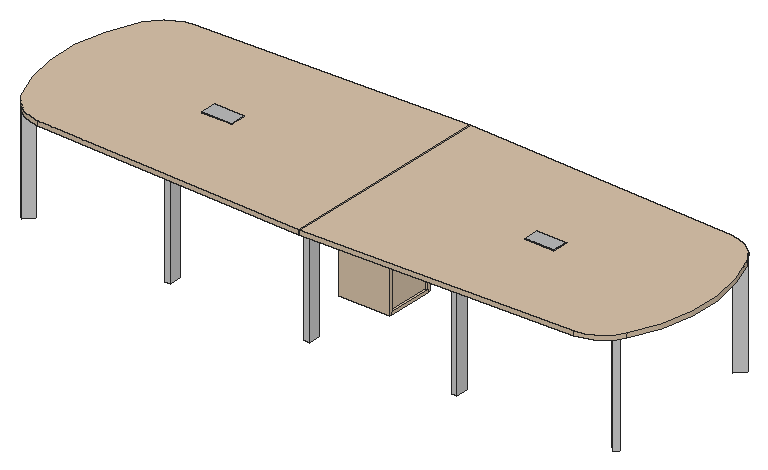
Revit family "Haworth_Planes_ConferenceTable_PebbleTwoPiece", category Furniture Systems, Revit 2018 (continued)
Definition of nested family "Haworth_Planes_Worksurface_Pebble_2Piece_PART"
  Definition of nested family "Haworth_Planes_Worksurface_Pebble48_TwoPiece_Part"
    Automatic sketch dimensions
      Extrusion 7 sketch curve to Extrusion 7 sketch curve = 0"  (x4)
      plane 1 "Center F/B" to Extrusion 7 sketch curve = 23.84"
      Extrusion 7 sketch curve to Extrusion 7 sketch curve = 849.42626"  (x2)
      Extrusion 7 sketch curve to plane 1 "Center F/B" = 23.84"
      plane 1 "Center F/B" to Extrusion 8 sketch curve = 0"
      Extrusion 8 sketch curve to plane 3 "Center L/R" = 0"
      Extrusion 8 sketch curve to plane 3 "Center L/R" = 1.39882"  (x2)
      Extrusion 8 sketch curve to plane 3 "Center L/R" = 38.68"
      plane 1 "Center F/B" to Extrusion 8 sketch curve = 9.38335"
      Extrusion 8 sketch curve to Extrusion 8 sketch curve = 31.63784"
      Extrusion 8 sketch curve to Extrusion 8 sketch curve = 0"  (x4)
      plane 1 "Center F/B" to Extrusion 8 sketch curve = 23.84"
      Extrusion 8 sketch curve to Extrusion 8 sketch curve = 931.8852"  (x2)
      Extrusion 8 sketch curve to plane 1 "Center F/B" = 9.38335"
      Extrusion 8 sketch curve to plane 1 "Center F/B" = 23.84"
      plane 1 "Center F/B" to Extrusion 9 sketch curve = 0"
      Extrusion 9 sketch curve to plane 3 "Center L/R" = 0"
      Extrusion 9 sketch curve to plane 3 "Center L/R" = 1.38351"  (x2)
      Extrusion 9 sketch curve to plane 3 "Center L/R" = 41.68"
      plane 1 "Center F/B" to Extrusion 9 sketch curve = 9.38273"
      Extrusion 9 sketch curve to Extrusion 9 sketch curve = 31.63802"
      Extrusion 9 sketch curve to Extrusion 9 sketch curve = 0"  (x4)
      plane 1 "Center F/B" to Extrusion 9 sketch curve = 23.84"
      Extrusion 9 sketch curve to Extrusion 9 sketch curve = 1018.07506"  (x2)
      Extrusion 9 sketch curve to plane 1 "Center F/B" = 9.38273"
      Extrusion 9 sketch curve to plane 1 "Center F/B" = 23.84"
      plane 1 "Center F/B" to Extrusion 10 sketch curve = 0"
      Extrusion 10 sketch curve to plane 3 "Center L/R" = 0"
      Extrusion 10 sketch curve to plane 3 "Center L/R" = 1.42036"  (x2)
      Extrusion 10 sketch curve to plane 3 "Center L/R" = 44.68"
      plane 1 "Center F/B" to Extrusion 10 sketch curve = 9.38212"
      Extrusion 10 sketch curve to Extrusion 10 sketch curve = 31.6382"
      Extrusion 10 sketch curve to Extrusion 10 sketch curve = 0"  (x4)
      plane 1 "Center F/B" to Extrusion 10 sketch curve = 23.84"
      Extrusion 10 sketch curve to Extrusion 10 sketch curve = 1106.30575"  (x2)
      Extrusion 10 sketch curve to plane 1 "Center F/B" = 9.38212"
      Extrusion 10 sketch curve to plane 1 "Center F/B" = 23.84"
      plane 1 "Center F/B" to Masking region 1 sketch curve = 0"
      Masking region 1 sketch curve to plane 3 "Center L/R" = 0"
      Masking region 1 sketch curve to plane 3 "Center L/R" = 1.20585"  (x2)
      Masking region 1 sketch curve to plane 3 "Center L/R" = 17.68"
      plane 1 "Center F/B" to Masking region 1 sketch curve = 9.38323"
      Masking region 1 sketch curve to Masking region 1 sketch curve = 31.63787"
      Masking region 1 sketch curve to Masking region 1 sketch curve = 0"  (x4)
      plane 1 "Center F/B" to Masking region 1 sketch curve = 23.84"
      Masking region 1 sketch curve to Masking region 1 sketch curve = 436.36008"  (x2)
      Masking region 1 sketch curve to plane 1 "Center F/B" = 9.38323"
      Masking region 1 sketch curve to plane 1 "Center F/B" = 23.84"
      plane 1 "Center F/B" to Masking region 2 sketch curve = 0"
      Masking region 2 sketch curve to plane 3 "Center L/R" = 0"
      Masking region 2 sketch curve to plane 3 "Center L/R" = 1.4139"  (x2)
      Masking region 2 sketch curve to plane 3 "Center L/R" = 20.68"
      plane 1 "Center F/B" to Masking region 2 sketch curve = 9.38407"
      Masking region 2 sketch curve to Masking region 2 sketch curve = 31.63762"
      Masking region 2 sketch curve to Masking region 2 sketch curve = 0"  (x4)
      plane 1 "Center F/B" to Masking region 2 sketch curve = 23.84"
      Masking region 2 sketch curve to Masking region 2 sketch curve = 492.68669"  (x2)
      Masking region 2 sketch curve to plane 1 "Center F/B" = 9.38407"
      Masking region 2 sketch curve to plane 1 "Center F/B" = 23.84"
      plane 1 "Center F/B" to Masking region 3 sketch curve = 0"
      Masking region 3 sketch curve to plane 3 "Center L/R" = 0"
      Masking region 3 sketch curve to plane 3 "Center L/R" = 1.41461"  (x2)
      Masking region 3 sketch curve to plane 3 "Center L/R" = 23.68"
      plane 1 "Center F/B" to Masking region 3 sketch curve = 9.3846"
      Masking region 3 sketch curve to Masking region 3 sketch curve = 31.63747"
      Masking region 3 sketch curve to Masking region 3 sketch curve = 0"  (x4)
      plane 1 "Center F/B" to Masking region 3 sketch curve = 23.84"
      Masking region 3 sketch curve to Masking region 3 sketch curve = 556.80664"  (x2)
      Masking region 3 sketch curve to plane 1 "Center F/B" = 9.3846"
      Masking region 3 sketch curve to plane 1 "Center F/B" = 23.84"
      plane 1 "Center F/B" to Masking region 4 sketch curve = 0"
      Masking region 4 sketch curve to plane 3 "Center L/R" = 0"
      Masking region 4 sketch curve to plane 3 "Center L/R" = 1.41698"  (x2)
      Masking region 4 sketch curve to plane 3 "Center L/R" = 26.68"
      plane 1 "Center F/B" to Masking region 4 sketch curve = 9.38473"
      Masking region 4 sketch curve to Masking region 4 sketch curve = 31.63743"
      Masking region 4 sketch curve to Masking region 4 sketch curve = 0"  (x4)
      plane 1 "Center F/B" to Masking region 4 sketch curve = 23.84"
      Masking region 4 sketch curve to Masking region 4 sketch curve = 624.47594"  (x2)
      Masking region 4 sketch curve to plane 1 "Center F/B" = 9.38473"
      Masking region 4 sketch curve to plane 1 "Center F/B" = 23.84"
      plane 1 "Center F/B" to Masking region 5 sketch curve = 0"
      Masking region 5 sketch curve to plane 3 "Center L/R" = 0"
      Masking region 5 sketch curve to plane 3 "Center L/R" = 1.41559"  (x2)
      Masking region 5 sketch curve to plane 3 "Center L/R" = 29.68"
      plane 1 "Center F/B" to Masking region 5 sketch curve = 9.38462"
      Masking region 5 sketch curve to Masking region 5 sketch curve = 31.63746"
      Masking region 5 sketch curve to Masking region 5 sketch curve = 0"  (x4)
      plane 1 "Center F/B" to Masking region 5 sketch curve = 23.84"
      Masking region 5 sketch curve to Masking region 5 sketch curve = 695.83328"  (x2)
      Masking region 5 sketch curve to plane 1 "Center F/B" = 9.38462"
      Masking region 5 sketch curve to plane 1 "Center F/B" = 23.84"
      plane 1 "Center F/B" to Masking region 6 sketch curve = 0"
      Masking region 6 sketch curve to plane 3 "Center L/R" = 0"
      Masking region 6 sketch curve to plane 3 "Center L/R" = 1.41824"  (x2)
      Masking region 6 sketch curve to plane 3 "Center L/R" = 32.68"
      plane 1 "Center F/B" to Masking region 6 sketch curve = 9.38431"
      Masking region 6 sketch curve to Masking region 6 sketch curve = 31.63755"
      Masking region 6 sketch curve to Masking region 6 sketch curve = 0"  (x4)
      plane 1 "Center F/B" to Masking region 6 sketch curve = 23.84"
      Masking region 6 sketch curve to Masking region 6 sketch curve = 770.68625"  (x2)
      Masking region 6 sketch curve to plane 1 "Center F/B" = 9.38431"
      Masking region 6 sketch curve to plane 1 "Center F/B" = 23.84"
      plane 1 "Center F/B" to Masking region 7 sketch curve = 0"
      Masking region 7 sketch curve to plane 3 "Center L/R" = 0"
      Masking region 7 sketch curve to plane 3 "Center L/R" = 1.41032"  (x2)
      Masking region 7 sketch curve to plane 3 "Center L/R" = 35.68"
      plane 1 "Center F/B" to Masking region 7 sketch curve = 9.38388"
      Masking region 7 sketch curve to Masking region 7 sketch curve = 31.63768"
      Masking region 7 sketch curve to Masking region 7 sketch curve = 0"  (x4)
      plane 1 "Center F/B" to Masking region 7 sketch curve = 23.84"
      Masking region 7 sketch curve to Masking region 7 sketch curve = 849.42626"  (x2)
      Masking region 7 sketch curve to plane 1 "Center F/B" = 9.38388"
      Masking region 7 sketch curve to plane 1 "Center F/B" = 23.84"
      plane 1 "Center F/B" to Masking region 8 sketch curve = 0"
      Masking region 8 sketch curve to plane 3 "Center L/R" = 0"
      Masking region 8 sketch curve to plane 3 "Center L/R" = 1.39882"  (x2)
      Masking region 8 sketch curve to plane 3 "Center L/R" = 38.68"
      plane 1 "Center F/B" to Masking region 8 sketch curve = 9.38335"
      Masking region 8 sketch curve to Masking region 8 sketch curve = 31.63784"
      Masking region 8 sketch curve to Masking region 8 sketch curve = 0"  (x4)
      plane 1 "Center F/B" to Masking region 8 sketch curve = 23.84"
      Masking region 8 sketch curve to Masking region 8 sketch curve = 931.8852"  (x2)
      Masking region 8 sketch curve to plane 1 "Center F/B" = 9.38335"
      Masking region 8 sketch curve to plane 1 "Center F/B" = 23.84"
      plane 1 "Center F/B" to Masking region 9 sketch curve = 0"
      Masking region 9 sketch curve to plane 3 "Center L/R" = 0"
      Masking region 9 sketch curve to plane 3 "Center L/R" = 1.38351"  (x2)
      Masking region 9 sketch curve to plane 3 "Center L/R" = 41.68"
      plane 1 "Center F/B" to Masking region 9 sketch curve = 9.38273"
      Masking region 9 sketch curve to Masking region 9 sketch curve = 31.63802"
      Masking region 9 sketch curve to Masking region 9 sketch curve = 0"  (x4)
      plane 1 "Center F/B" to Masking region 9 sketch curve = 23.84"
      Masking region 9 sketch curve to Masking region 9 sketch curve = 1018.07506"  (x2)
      Masking region 9 sketch curve to plane 1 "Center F/B" = 9.38273"
      Masking region 9 sketch curve to plane 1 "Center F/B" = 23.84"
      plane 1 "Center F/B" to Masking region 10 sketch curve = 0"
      Masking region 10 sketch curve to plane 3 "Center L/R" = 0"
      Masking region 10 sketch curve to plane 3 "Center L/R" = 1.42036"  (x2)
      Masking region 10 sketch curve to plane 3 "Center L/R" = 44.68"
      plane 1 "Center F/B" to Masking region 10 sketch curve = 9.38212"
      Masking region 10 sketch curve to Masking region 10 sketch curve = 31.6382"
      Masking region 10 sketch curve to Masking region 10 sketch curve = 0"  (x4)
      plane 1 "Center F/B" to Masking region 10 sketch curve = 23.84"
      Masking region 10 sketch curve to Masking region 10 sketch curve = 1106.30575"  (x2)
      Masking region 10 sketch curve to plane 1 "Center F/B" = 9.38212"
      Masking region 10 sketch curve to plane 1 "Center F/B" = 23.84"
      plane 1 "Center F/B" to Extrusion 11 sketch curve = 0"
      Extrusion 11 sketch curve to plane 3 "Center L/R" = 0"
      Extrusion 11 sketch curve to plane 3 "Center L/R" = 1.20585"  (x2)
      Extrusion 11 sketch curve to plane 3 "Center L/R" = 17.68"
      plane 1 "Center F/B" to Extrusion 11 sketch curve = 9.38323"
      Extrusion 11 sketch curve to Extrusion 11 sketch curve = 31.63787"
      Extrusion 11 sketch curve to plane 1 "Center F/B" = 9.38323"
      Extrusion 11 sketch curve to Extrusion 11 sketch curve = 0"  (x4)
      Extrusion 11 sketch curve to plane 1 "Center F/B" = 23.84"
      Extrusion 11 sketch curve to Extrusion 11 sketch curve = 436.36008"  (x2)
      plane 1 "Center F/B" to Extrusion 11 sketch curve = 23.84"
      plane 1 "Center F/B" to Extrusion 12 sketch curve = 0"
      Extrusion 12 sketch curve to plane 3 "Center L/R" = 0"
      Extrusion 12 sketch curve to plane 3 "Center L/R" = 1.4139"  (x2)
      Extrusion 12 sketch curve to plane 3 "Center L/R" = 20.68"
      Extrusion 12 sketch curve to plane 1 "Center F/B" = 9.38407"
      Extrusion 12 sketch curve to Extrusion 12 sketch curve = 31.63762"
      Extrusion 12 sketch curve to Extrusion 12 sketch curve = 0"  (x4)
      Extrusion 12 sketch curve to plane 1 "Center F/B" = 23.84"
      Extrusion 12 sketch curve to Extrusion 12 sketch curve = 492.68669"  (x2)
      plane 1 "Center F/B" to Extrusion 12 sketch curve = 9.38407"
      plane 1 "Center F/B" to Extrusion 12 sketch curve = 23.84"
      plane 1 "Center F/B" to Extrusion 13 sketch curve = 0"
      Extrusion 13 sketch curve to plane 3 "Center L/R" = 0"
      Extrusion 13 sketch curve to plane 3 "Center L/R" = 1.41461"  (x2)
      Extrusion 13 sketch curve to plane 3 "Center L/R" = 23.68"
      Extrusion 13 sketch curve to plane 1 "Center F/B" = 9.3846"
      Extrusion 13 sketch curve to Extrusion 13 sketch curve = 31.63747"
      Extrusion 13 sketch curve to Extrusion 13 sketch curve = 0"  (x4)
      Extrusion 13 sketch curve to plane 1 "Center F/B" = 23.84"
      Extrusion 13 sketch curve to Extrusion 13 sketch curve = 556.80664"  (x2)
      plane 1 "Center F/B" to Extrusion 13 sketch curve = 9.3846"
      plane 1 "Center F/B" to Extrusion 13 sketch curve = 23.84"
      plane 1 "Center F/B" to Extrusion 14 sketch curve = 0"
      Extrusion 14 sketch curve to plane 3 "Center L/R" = 0"
      Extrusion 14 sketch curve to plane 3 "Center L/R" = 1.41698"  (x2)
      Extrusion 14 sketch curve to plane 3 "Center L/R" = 26.68"
      Extrusion 14 sketch curve to plane 1 "Center F/B" = 9.38473"
      Extrusion 14 sketch curve to Extrusion 14 sketch curve = 31.63743"
      Extrusion 14 sketch curve to Extrusion 14 sketch curve = 0"  (x4)
      Extrusion 14 sketch curve to plane 1 "Center F/B" = 23.84"
      Extrusion 14 sketch curve to Extrusion 14 sketch curve = 624.47594"  (x2)
      plane 1 "Center F/B" to Extrusion 14 sketch curve = 9.38473"
      plane 1 "Center F/B" to Extrusion 14 sketch curve = 23.84"
      plane 1 "Center F/B" to Extrusion 15 sketch curve = 0"
      Extrusion 15 sketch curve to plane 3 "Center L/R" = 0"
      Extrusion 15 sketch curve to plane 3 "Center L/R" = 1.41559"  (x2)
      Extrusion 15 sketch curve to plane 3 "Center L/R" = 29.68"
      plane 1 "Center F/B" to Extrusion 15 sketch curve = 9.38462"
      Extrusion 15 sketch curve to Extrusion 15 sketch curve = 31.63746"
      Extrusion 15 sketch curve to plane 1 "Center F/B" = 9.38462"
      Extrusion 15 sketch curve to Extrusion 15 sketch curve = 0"  (x4)
      Extrusion 15 sketch curve to plane 1 "Center F/B" = 23.84"
      Extrusion 15 sketch curve to Extrusion 15 sketch curve = 695.83328"  (x2)
      plane 1 "Center F/B" to Extrusion 15 sketch curve = 23.84"
      plane 1 "Center F/B" to Extrusion 16 sketch curve = 0"
      Extrusion 16 sketch curve to plane 3 "Center L/R" = 0"
      Extrusion 16 sketch curve to plane 3 "Center L/R" = 1.41824"  (x2)
      Extrusion 16 sketch curve to plane 3 "Center L/R" = 32.68"
      plane 1 "Center F/B" to Extrusion 16 sketch curve = 9.38431"
      Extrusion 16 sketch curve to Extrusion 16 sketch curve = 31.63755"
      Extrusion 16 sketch curve to plane 1 "Center F/B" = 9.38431"
      Extrusion 16 sketch curve to Extrusion 16 sketch curve = 0"  (x4)
      Extrusion 16 sketch curve to plane 1 "Center F/B" = 23.84"
      Extrusion 16 sketch curve to Extrusion 16 sketch curve = 770.68625"  (x2)
      plane 1 "Center F/B" to Extrusion 16 sketch curve = 23.84"
      plane 1 "Center F/B" to Extrusion 17 sketch curve = 0"
      Extrusion 17 sketch curve to plane 3 "Center L/R" = 0"
      Extrusion 17 sketch curve to plane 3 "Center L/R" = 1.41032"  (x2)
      Extrusion 17 sketch curve to plane 3 "Center L/R" = 35.68"
      plane 1 "Center F/B" to Extrusion 17 sketch curve = 9.38388"
      Extrusion 17 sketch curve to Extrusion 17 sketch curve = 31.63768"
      Extrusion 17 sketch curve to plane 1 "Center F/B" = 9.38388"
      Extrusion 17 sketch curve to Extrusion 17 sketch curve = 0"  (x4)
      Extrusion 17 sketch curve to plane 1 "Center F/B" = 23.84"
      Extrusion 17 sketch curve to Extrusion 17 sketch curve = 849.42626"  (x2)
      plane 1 "Center F/B" to Extrusion 17 sketch curve = 23.84"
      plane 1 "Center F/B" to Extrusion 18 sketch curve = 0"
      Extrusion 18 sketch curve to plane 3 "Center L/R" = 0"
      Extrusion 18 sketch curve to plane 3 "Center L/R" = 1.39882"  (x2)
      Extrusion 18 sketch curve to plane 3 "Center L/R" = 38.68"
      Extrusion 18 sketch curve to plane 1 "Center F/B" = 9.38335"
      Extrusion 18 sketch curve to Extrusion 18 sketch curve = 31.63784"
      Extrusion 18 sketch curve to Extrusion 18 sketch curve = 0"  (x4)
      Extrusion 18 sketch curve to plane 1 "Center F/B" = 23.84"
      Extrusion 18 sketch curve to Extrusion 18 sketch curve = 931.8852"  (x2)
      plane 1 "Center F/B" to Extrusion 18 sketch curve = 9.38335"
      plane 1 "Center F/B" to Extrusion 18 sketch curve = 23.84"
      plane 1 "Center F/B" to Extrusion 19 sketch curve = 0"
      Extrusion 19 sketch curve to plane 3 "Center L/R" = 0"
      Extrusion 19 sketch curve to plane 3 "Center L/R" = 1.38351"  (x2)
      Extrusion 19 sketch curve to plane 3 "Center L/R" = 41.68"
      Extrusion 19 sketch curve to plane 1 "Center F/B" = 9.38273"
      Extrusion 19 sketch curve to Extrusion 19 sketch curve = 31.63802"
      Extrusion 19 sketch curve to Extrusion 19 sketch curve = 0"  (x4)
      Extrusion 19 sketch curve to plane 1 "Center F/B" = 23.84"
      Extrusion 19 sketch curve to Extrusion 19 sketch curve = 1018.07506"  (x2)
      plane 1 "Center F/B" to Extrusion 19 sketch curve = 9.38273"
      plane 1 "Center F/B" to Extrusion 19 sketch curve = 23.84"
      plane 1 "Center F/B" to Extrusion 20 sketch curve = 0"
      Extrusion 20 sketch curve to plane 3 "Center L/R" = 0"
      Extrusion 20 sketch curve to plane 3 "Center L/R" = 1.42036"  (x2)
      Extrusion 20 sketch curve to plane 3 "Center L/R" = 44.68"
      Extrusion 20 sketch curve to plane 1 "Center F/B" = 9.38212"
      Extrusion 20 sketch curve to Extrusion 20 sketch curve = 31.6382"
      Extrusion 20 sketch curve to Extrusion 20 sketch curve = 0"  (x4)
      Extrusion 20 sketch curve to plane 1 "Center F/B" = 23.84"
      Extrusion 20 sketch curve to Extrusion 20 sketch curve = 1106.30575"  (x2)
      plane 1 "Center F/B" to Extrusion 20 sketch curve = 9.38212"
      plane 1 "Center F/B" to Extrusion 20 sketch curve = 23.84"
      Masking region 11 sketch curve to plane 3 "Center L/R" = 0"
      plane 1 "Center F/B" to Masking region 11 sketch curve = 0"
      plane 1 "Center F/B" to Masking region 11 sketch curve = 9.38323"
      plane 1 "Center F/B" to Masking region 11 sketch curve = 23.84"
      plane 3 "Center L/R" to Masking region 11 sketch curve = 1.20585"  (x2)
      Masking region 11 sketch curve to Masking region 11 sketch curve = 436.36008"  (x2)
      Masking region 11 sketch curve to plane 1 "Center F/B" = 9.38323"
      Masking region 11 sketch curve to plane 1 "Center F/B" = 23.84"
      plane 3 "Center L/R" to Masking region 11 sketch curve = 17.68"
      Masking region 11 sketch curve to Masking region 11 sketch curve = 31.63787"
      Masking region 11 sketch curve to Masking region 11 sketch curve = 0"  (x3)
      Masking region 11 sketch curve to Masking region 11 sketch curve = 3.41208"
      Masking region 12 sketch curve to plane 3 "Center L/R" = 0"
      plane 1 "Center F/B" to Masking region 12 sketch curve = 0"
      plane 1 "Center F/B" to Masking region 12 sketch curve = 9.38407"
      plane 1 "Center F/B" to Masking region 12 sketch curve = 23.84"
      plane 3 "Center L/R" to Masking region 12 sketch curve = 1.4139"  (x2)
      Masking region 12 sketch curve to Masking region 12 sketch curve = 492.68669"  (x2)
      Masking region 12 sketch curve to plane 1 "Center F/B" = 9.38407"
      Masking region 12 sketch curve to plane 1 "Center F/B" = 23.84"
      plane 3 "Center L/R" to Masking region 12 sketch curve = 20.68"
      Masking region 12 sketch curve to Masking region 12 sketch curve = 31.63762"
      Masking region 12 sketch curve to Masking region 12 sketch curve = 0"  (x3)
      Masking region 12 sketch curve to Masking region 12 sketch curve = 3.41239"
      Masking region 13 sketch curve to plane 3 "Center L/R" = 0"
      plane 1 "Center F/B" to Masking region 13 sketch curve = 0"
      plane 1 "Center F/B" to Masking region 13 sketch curve = 9.3846"
      plane 1 "Center F/B" to Masking region 13 sketch curve = 23.84"
      plane 3 "Center L/R" to Masking region 13 sketch curve = 1.41461"  (x2)
      Masking region 13 sketch curve to Masking region 13 sketch curve = 556.80664"  (x2)
      Masking region 13 sketch curve to plane 1 "Center F/B" = 9.3846"
      Masking region 13 sketch curve to plane 1 "Center F/B" = 23.84"
      plane 3 "Center L/R" to Masking region 13 sketch curve = 23.68"
      Masking region 13 sketch curve to Masking region 13 sketch curve = 31.63747"
      Masking region 13 sketch curve to Masking region 13 sketch curve = 0"  (x3)
      Masking region 13 sketch curve to Masking region 13 sketch curve = 3.41258"
      Masking region 14 sketch curve to plane 3 "Center L/R" = 0"
      plane 1 "Center F/B" to Masking region 14 sketch curve = 0"
      plane 1 "Center F/B" to Masking region 14 sketch curve = 9.38473"
      plane 1 "Center F/B" to Masking region 14 sketch curve = 23.84"
      plane 3 "Center L/R" to Masking region 14 sketch curve = 1.41698"  (x2)
      Masking region 14 sketch curve to Masking region 14 sketch curve = 624.47594"  (x2)
      Masking region 14 sketch curve to plane 1 "Center F/B" = 9.38473"
      Masking region 14 sketch curve to plane 1 "Center F/B" = 23.84"
      plane 3 "Center L/R" to Masking region 14 sketch curve = 26.68"
      Masking region 14 sketch curve to Masking region 14 sketch curve = 31.63743"
      Masking region 14 sketch curve to Masking region 14 sketch curve = 0"  (x3)
      Masking region 14 sketch curve to Masking region 14 sketch curve = 3.41263"
      Masking region 15 sketch curve to plane 3 "Center L/R" = 0"
      plane 1 "Center F/B" to Masking region 15 sketch curve = 0"
      plane 1 "Center F/B" to Masking region 15 sketch curve = 9.38462"
      plane 1 "Center F/B" to Masking region 15 sketch curve = 23.84"
      plane 3 "Center L/R" to Masking region 15 sketch curve = 1.41559"  (x2)
      Masking region 15 sketch curve to Masking region 15 sketch curve = 695.83328"  (x2)
      Masking region 15 sketch curve to plane 1 "Center F/B" = 9.38462"
      Masking region 15 sketch curve to plane 1 "Center F/B" = 23.84"
      plane 3 "Center L/R" to Masking region 15 sketch curve = 29.68"
      Masking region 15 sketch curve to Masking region 15 sketch curve = 31.63746"
      Masking region 15 sketch curve to Masking region 15 sketch curve = 0"  (x3)
      Masking region 15 sketch curve to Masking region 15 sketch curve = 3.41259"
      Masking region 16 sketch curve to plane 3 "Center L/R" = 0"
      plane 1 "Center F/B" to Masking region 16 sketch curve = 0"
      plane 1 "Center F/B" to Masking region 16 sketch curve = 9.38431"
      plane 1 "Center F/B" to Masking region 16 sketch curve = 23.84"
      plane 3 "Center L/R" to Masking region 16 sketch curve = 1.41824"  (x2)
      Masking region 16 sketch curve to Masking region 16 sketch curve = 770.68625"  (x2)
      Masking region 16 sketch curve to plane 1 "Center F/B" = 9.38431"
      Masking region 16 sketch curve to plane 1 "Center F/B" = 23.84"
      plane 3 "Center L/R" to Masking region 16 sketch curve = 32.68"
      Masking region 16 sketch curve to Masking region 16 sketch curve = 31.63755"
      Masking region 16 sketch curve to Masking region 16 sketch curve = 0"  (x3)
      Masking region 16 sketch curve to Masking region 16 sketch curve = 3.41248"
      Masking region 17 sketch curve to plane 3 "Center L/R" = 0"
      plane 1 "Center F/B" to Masking region 17 sketch curve = 0"
      plane 1 "Center F/B" to Masking region 17 sketch curve = 9.38388"
      plane 1 "Center F/B" to Masking region 17 sketch curve = 23.84"
      plane 3 "Center L/R" to Masking region 17 sketch curve = 1.41032"  (x2)
      Masking region 17 sketch curve to Masking region 17 sketch curve = 849.42626"  (x2)
      Masking region 17 sketch curve to plane 1 "Center F/B" = 9.38388"
      Masking region 17 sketch curve to plane 1 "Center F/B" = 23.84"
      plane 3 "Center L/R" to Masking region 17 sketch curve = 35.68"
      Masking region 17 sketch curve to Masking region 17 sketch curve = 31.63768"
      Masking region 17 sketch curve to Masking region 17 sketch curve = 0"  (x3)
      Masking region 17 sketch curve to Masking region 17 sketch curve = 3.41232"
      Masking region 18 sketch curve to plane 3 "Center L/R" = 0"
      plane 1 "Center F/B" to Masking region 18 sketch curve = 0"
      plane 1 "Center F/B" to Masking region 18 sketch curve = 9.38335"
      plane 1 "Center F/B" to Masking region 18 sketch curve = 23.84"
      plane 3 "Center L/R" to Masking region 18 sketch curve = 1.39882"  (x2)
      Masking region 18 sketch curve to Masking region 18 sketch curve = 931.8852"  (x2)
      Masking region 18 sketch curve to plane 1 "Center F/B" = 9.38335"
      Masking region 18 sketch curve to plane 1 "Center F/B" = 23.84"
      plane 3 "Center L/R" to Masking region 18 sketch curve = 38.68"
      Masking region 18 sketch curve to Masking region 18 sketch curve = 31.63784"
      Masking region 18 sketch curve to Masking region 18 sketch curve = 0"  (x3)
      Masking region 18 sketch curve to Masking region 18 sketch curve = 3.41213"
      Masking region 19 sketch curve to plane 3 "Center L/R" = 0"
      plane 1 "Center F/B" to Masking region 19 sketch curve = 0"
      plane 1 "Center F/B" to Masking region 19 sketch curve = 9.38273"
      plane 1 "Center F/B" to Masking region 19 sketch curve = 23.84"
      plane 3 "Center L/R" to Masking region 19 sketch curve = 1.38351"  (x2)
      Masking region 19 sketch curve to Masking region 19 sketch curve = 1018.07506"  (x2)
      Masking region 19 sketch curve to plane 1 "Center F/B" = 9.38273"
      Masking region 19 sketch curve to plane 1 "Center F/B" = 23.84"
      plane 3 "Center L/R" to Masking region 19 sketch curve = 41.68"
      Masking region 19 sketch curve to Masking region 19 sketch curve = 31.63802"
      Masking region 19 sketch curve to Masking region 19 sketch curve = 0"  (x3)
      Masking region 19 sketch curve to Masking region 19 sketch curve = 3.4119"
      Masking region 20 sketch curve to plane 3 "Center L/R" = 0"
      plane 1 "Center F/B" to Masking region 20 sketch curve = 0"
      plane 1 "Center F/B" to Masking region 20 sketch curve = 9.38212"
      plane 1 "Center F/B" to Masking region 20 sketch curve = 23.84"
      plane 3 "Center L/R" to Masking region 20 sketch curve = 1.42036"  (x2)
      Masking region 20 sketch curve to Masking region 20 sketch curve = 1106.30575"  (x2)
      Masking region 20 sketch curve to plane 1 "Center F/B" = 9.38212"
      Masking region 20 sketch curve to plane 1 "Center F/B" = 23.84"
      plane 3 "Center L/R" to Masking region 20 sketch curve = 44.68"
      Masking region 20 sketch curve to Masking region 20 sketch curve = 31.6382"
      Masking region 20 sketch curve to Masking region 20 sketch curve = 0"  (x3)
      Masking region 20 sketch curve to Masking region 20 sketch curve = 3.41168"
      curve 1 to plane 3 "Center L/R" = 0"
      plane 1 "Center F/B" to curve 1 = 23.84"
      curve 1 to plane 1 "Center F/B" = 23.84"
  Definition of nested family "Haworth_Planes_Worksurface_Pebble54_TwoPiece_Part"
    Parameters (values of type "Worksurface")
      Width = 180"
      Warranty = "https://www.haworth.com/resources/product-info/warranties"
      URL - Product = ""
      URL = "www.haworth.com"
      Thickness = 1 3/16"
      Table Finish = none
      Table Edge Finish = none
      Revision Number = ""
      Note = "Verify Final Dim. w/ Haworth"  # constant formula
      Min. Width = 126"  # constant formula
      Min. Depth = 54"  # constant formula
      Max. Width = 180"  # constant formula
      Max. Depth = 54"  # constant formula
      Manufacturer = "Haworth"  # constant formula
      Depth = 54"  # constant formula
      Cutout Width = 8"  # constant formula
      Cutout Dimension = 3"  # constant formula
      Cutout Depth = 4"  # constant formula
      Center Cutout Offset = Actual Width / 4  # 45"
      Author = "Haworth (Alias)"  # constant formula
      Assembly Code = ""
      Actual Width = if(Width < Min. Width, Min. Width, if(Width > Max. Width, Max. Width, Width))  # 180"
      Actual Height = 29"
      Actual Depth = if(Depth > Max. Depth, Max. Depth, if(Depth < Min. Depth, Min. Depth, Depth))  # 54"
      180w = and(177" < Actual Width, Actual Width < 181")  # yes
      174w = and(171" < Actual Width, Actual Width < 178")  # no
      168w = and(165" < Actual Width, Actual Width < 172")  # no
      162w = and(159" < Actual Width, Actual Width < 166")  # no
      156w = and(153" < Actual Width, Actual Width < 160")  # no
      150w = and(147" < Actual Width, Actual Width < 154")  # no
      144w = and(141" < Actual Width, Actual Width < 148")  # no
      138w = and(135" < Actual Width, Actual Width < 142")  # no
      132w = and(129" < Actual Width, Actual Width < 136")  # no
      126w = and(125" < Actual Width, Actual Width < 130")  # no
    Reference planes (in)
      plane 1 "Center F/B": y = 15
      plane 2 "Bottom": z = 0
      plane 3 "Center L/R": x = 0
      plane 4 "Table Top": z = 29
      plane 5 "Table Bottom": z = 27.8125
      plane 6 "Cutout Top": z = 30
      plane 7 "Cutout Bottom": z = 27
      plane 8 "KnifeEdge Middle": z = 28.625
    Forms (in)
      Extrusion 1, solid, material <- "Table Finish", visible <- "126w"
        sketch origin (-221.13518, 407.89869, 0) x (1, 0, 0) y (0, 1, 0)
          loop
            arc (221.13518, -366.05869) -> (196.33904, -366.65046) -> (171.61101, -368.58001) r 459.27318
            arc (171.61101, -368.58001) -> (165.64825, -370.92836) -> (161.74437, -376.01058) r 12
            arc (161.74437, -376.01058) -> (158.45518, -392.89869) -> (161.74437, -409.78679) r 45
            arc (161.74437, -409.78679) -> (165.64825, -414.86901) -> (171.61101, -417.21736) r 12
            arc (171.61101, -417.21736) -> (196.33904, -419.14691) -> (221.13518, -419.73869) r 459.27318
            line (221.13518, -419.73869) -> (221.13518, -366.05869)
        from 27.8125 to 29
      Extrusion 2, solid, material <- "Table Finish", visible <- "132w"
        sketch origin (-221.21847, 351.01367, 0) x (1, 0, 0) y (0, 1, 0)
          loop
            arc (221.21847, -309.17367) -> (194.96263, -309.76544) -> (168.77045, -311.6862) r 518.38724
            arc (168.77045, -311.6862) -> (162.76257, -314.0193) -> (158.82824, -319.1241) r 12
            arc (158.82824, -319.1241) -> (155.53847, -336.01367) -> (158.82824, -352.90323) r 45
            arc (158.82824, -352.90323) -> (162.76257, -358.00804) -> (168.77045, -360.34114) r 12
            arc (168.77045, -360.34114) -> (194.96263, -362.2619) -> (221.21847, -362.85367) r 518.38724
            line (221.21847, -362.85367) -> (221.21847, -309.17367)
        from 27.8125 to 29
      Extrusion 3, solid, material <- "Table Finish", visible <- "138w"
        sketch origin (-221.77163, 294.07069, 0) x (1, 0, 0) y (0, 1, 0)
          loop
            arc (221.77163, -252.23069) -> (194.05134, -252.82272) -> (166.39083, -254.73625) r 581.13812
            arc (166.39083, -254.73625) -> (160.34301, -257.0556) -> (156.3817, -262.18039) r 12
            arc (156.3817, -262.18039) -> (153.09163, -279.07069) -> (156.3817, -295.96099) r 45
            arc (156.3817, -295.96099) -> (160.34301, -301.08578) -> (166.39083, -303.40513) r 12
            arc (166.39083, -303.40513) -> (194.05134, -305.31867) -> (221.77163, -305.91069) r 581.13812
            line (221.77163, -305.91069) -> (221.77163, -252.23069)
        from 27.8125 to 29
      Extrusion 4, solid, material <- "Table Finish", visible <- "144w"
        sketch origin (-221.50834, 236.362, 0) x (1, 0, 0) y (0, 1, 0)
          loop
            arc (221.50834, -194.522) -> (192.31967, -195.11452) -> (163.18737, -197.02199) r 647.58751
            arc (163.18737, -197.02199) -> (157.1039, -199.32886) -> (153.11849, -204.4715) r 12
            arc (153.11849, -204.4715) -> (149.82834, -221.362) -> (153.11849, -238.2525) r 45
            arc (153.11849, -238.2525) -> (157.1039, -243.39514) -> (163.18737, -245.70201) r 12
            arc (163.18737, -245.70201) -> (192.31967, -247.60948) -> (221.50834, -248.202) r 647.58751
            line (221.50834, -248.202) -> (221.50834, -194.522)
        from 27.8125 to 29
      Extrusion 5, solid, material <- "Table Finish", visible <- "150w"
        sketch origin (-221.50834, 180.20212, 0) x (1, 0, 0) y (0, 1, 0)
          loop
            arc (221.50834, -138.36212) -> (190.84792, -138.95512) -> (160.24084, -140.85763) r 717.54845
            arc (160.24084, -140.85763) -> (154.12544, -143.15317) -> (150.11843, -148.31178) r 12
            arc (150.11843, -148.31178) -> (146.82834, -165.20212) -> (150.11843, -182.09245) r 45
            arc (150.11843, -182.09245) -> (154.12544, -187.25107) -> (160.24084, -189.5466) r 12
            arc (160.24084, -189.5466) -> (190.84792, -191.44911) -> (221.50834, -192.04212) r 717.54845
            line (221.50834, -192.04212) -> (221.50834, -138.36212)
        from 27.8125 to 29
      Extrusion 6, solid, material <- "Table Finish", visible <- "156w"
        sketch origin (-221.06588, 123.99157, 0) x (1, 0, 0) y (0, 1, 0)
          loop
            arc (221.06588, -82.15157) -> (188.93089, -82.74512) -> (156.84652, -84.64347) r 791.10776
            arc (156.84652, -84.64347) -> (150.70232, -86.92864) -> (146.67579, -92.10167) r 12
            arc (146.67579, -92.10167) -> (143.38588, -108.99157) -> (146.67579, -125.88147) r 45
            arc (146.67579, -125.88147) -> (150.70232, -131.0545) -> (156.84652, -133.33968) r 12
            arc (156.84652, -133.33968) -> (188.93089, -135.23802) -> (221.06588, -135.83157) r 791.10776
            line (221.06588, -135.83157) -> (221.06588, -82.15157)
        from 27.8125 to 29
      Extrusion 7, solid, material <- "Table Finish", visible <- "162w"
        sketch origin (-221.06205, 66.43042, 0) x (1, 0, 0) y (0, 1, 0)
          loop
            arc (221.06205, -24.59042) -> (187.45008, -25.18458) -> (153.8863, -27.07937) r 868.31265
            arc (153.8863, -27.07937) -> (147.71595, -29.35503) -> (143.6717, -34.54115) r 12
            arc (143.6717, -34.54115) -> (140.38205, -51.43042) -> (143.6717, -68.31968) r 45
            arc (143.6717, -68.31968) -> (147.71595, -73.5058) -> (153.8863, -75.78146) r 12
            arc (153.8863, -75.78146) -> (187.45008, -77.67625) -> (221.06205, -78.27042) r 868.31265
            line (221.06205, -78.27042) -> (221.06205, -24.59042)
        from 27.8125 to 29
      Extrusion 8, solid, material <- "Table Finish", visible <- "168w"
        sketch origin (-221.21549, 9.00195, 0) x (1, 0, 0) y (0, 1, 0)
          loop
            arc (221.21549, 32.83805) -> (186.12443, 32.24334) -> (151.07935, 30.35148) r 948.97625
            arc (151.07935, 30.35148) -> (144.88522, 28.08457) -> (140.82484, 22.88654) r 12
            arc (140.82484, 22.88654) -> (137.53549, 5.99805) -> (140.82484, -10.89045) r 45
            arc (140.82484, -10.89045) -> (144.88522, -16.08848) -> (151.07935, -18.35539) r 12
            arc (151.07935, -18.35539) -> (186.12443, -20.24725) -> (221.21549, -20.84195) r 948.97625
            line (221.21549, -20.84195) -> (221.21549, 32.83805)
        from 27.8125 to 29
      Extrusion 9, solid, material <- "Table Finish", visible <- "174w"
        sketch origin (-221.21549, -47.63208, 0) x (1, 0, 0) y (0, 1, 0)
          loop
            arc (221.21549, 89.47208) -> (184.64355, 88.87678) -> (148.11558, 86.98748) r 1033.30739
            arc (148.11558, 86.98748) -> (141.89965, 84.72865) -> (137.82449, 79.51971) r 12
            arc (137.82449, 79.51971) -> (134.53549, 62.63208) -> (137.82449, 45.74445) r 45
            arc (137.82449, 45.74445) -> (141.89965, 40.53551) -> (148.11558, 38.27669) r 12
            arc (148.11558, 38.27669) -> (184.64355, 36.38739) -> (221.21549, 35.79208) r 1033.30739
            line (221.21549, 35.79208) -> (221.21549, 89.47208)
        from 27.8125 to 29
      Extrusion 10, solid, material <- "Table Finish", visible <- "180w"
        sketch origin (-221.21415, -104.34818, 0) x (1, 0, 0) y (0, 1, 0)
          loop
            arc (221.21415, 146.18818) -> (183.15976, 145.59223) -> (145.1475, 143.70518) r 1121.31339
            arc (145.1475, 143.70518) -> (138.91154, 141.45386) -> (134.82277, 136.23488) r 12
            arc (134.82277, 136.23488) -> (131.53415, 119.34818) -> (134.82277, 102.46149) r 45
            arc (134.82277, 102.46149) -> (138.91154, 97.24251) -> (145.1475, 94.99119) r 12
            arc (145.1475, 94.99119) -> (183.15976, 93.10414) -> (221.21415, 92.50818) r 1121.31339
            line (221.21415, 92.50818) -> (221.21415, 146.18818)
        from 27.8125 to 29
      Extrusion 11, solid, material <- "Table Finish", visible <- "126w"
        sketch origin (221.13518, 407.89869, 0) x (-1, 0, 0) y (0, -1, 0)
          loop
            line (221.13518, 366.05869) -> (221.13518, 419.73869)
            arc (221.13518, 419.73869) -> (196.33904, 419.14691) -> (171.61101, 417.21736) r 459.27318
            arc (171.61101, 417.21736) -> (165.64825, 414.86901) -> (161.74437, 409.78679) r 12
            arc (161.74437, 409.78679) -> (158.45518, 392.89869) -> (161.74437, 376.01058) r 45
            arc (161.74437, 376.01058) -> (165.64825, 370.92836) -> (171.61101, 368.58001) r 12
            arc (171.61101, 368.58001) -> (196.33904, 366.65046) -> (221.13518, 366.05869) r 459.27318
        from 27.8125 to 29
      Extrusion 12, solid, material <- "Table Finish", visible <- "132w"
        sketch origin (221.21847, 351.01367, 0) x (-1, 0, 0) y (0, -1, 0)
          loop
            line (221.21847, 309.17367) -> (221.21847, 362.85367)
            arc (221.21847, 362.85367) -> (194.96263, 362.2619) -> (168.77045, 360.34114) r 518.38724
            arc (168.77045, 360.34114) -> (162.76257, 358.00804) -> (158.82824, 352.90323) r 12
            arc (158.82824, 352.90323) -> (155.53847, 336.01367) -> (158.82824, 319.1241) r 45
            arc (158.82824, 319.1241) -> (162.76257, 314.0193) -> (168.77045, 311.6862) r 12
            arc (168.77045, 311.6862) -> (194.96263, 309.76544) -> (221.21847, 309.17367) r 518.38724
        from 27.8125 to 29
      Extrusion 13, solid, material <- "Table Finish", visible <- "138w"
        sketch origin (221.77163, 294.07069, 0) x (-1, 0, 0) y (0, -1, 0)
          loop
            line (221.77163, 252.23069) -> (221.77163, 305.91069)
            arc (221.77163, 305.91069) -> (194.05134, 305.31867) -> (166.39083, 303.40513) r 581.13812
            arc (166.39083, 303.40513) -> (160.34301, 301.08578) -> (156.3817, 295.96099) r 12
            arc (156.3817, 295.96099) -> (153.09163, 279.07069) -> (156.3817, 262.18039) r 45
            arc (156.3817, 262.18039) -> (160.34301, 257.0556) -> (166.39083, 254.73625) r 12
            arc (166.39083, 254.73625) -> (194.05134, 252.82272) -> (221.77163, 252.23069) r 581.13812
        from 27.8125 to 29
      Extrusion 14, solid, material <- "Table Finish", visible <- "144w"
        sketch origin (221.50834, 236.362, 0) x (-1, 0, 0) y (0, -1, 0)
          loop
            line (221.50834, 194.522) -> (221.50834, 248.202)
            arc (221.50834, 248.202) -> (192.31967, 247.60948) -> (163.18737, 245.70201) r 647.58751
            arc (163.18737, 245.70201) -> (157.1039, 243.39514) -> (153.11849, 238.2525) r 12
            arc (153.11849, 238.2525) -> (149.82834, 221.362) -> (153.11849, 204.4715) r 45
            arc (153.11849, 204.4715) -> (157.1039, 199.32886) -> (163.18737, 197.02199) r 12
            arc (163.18737, 197.02199) -> (192.31967, 195.11452) -> (221.50834, 194.522) r 647.58751
        from 27.8125 to 29
      Extrusion 15, solid, material <- "Table Finish", visible <- "150w"
        sketch origin (221.50834, 180.20212, 0) x (-1, 0, 0) y (0, -1, 0)
          loop
            line (221.50834, 138.36212) -> (221.50834, 192.04212)
            arc (221.50834, 192.04212) -> (190.84792, 191.44911) -> (160.24084, 189.5466) r 717.54845
            arc (160.24084, 189.5466) -> (154.12544, 187.25107) -> (150.11843, 182.09245) r 12
            arc (150.11843, 182.09245) -> (146.82834, 165.20212) -> (150.11843, 148.31178) r 45
            arc (150.11843, 148.31178) -> (154.12544, 143.15317) -> (160.24084, 140.85763) r 12
            arc (160.24084, 140.85763) -> (190.84792, 138.95512) -> (221.50834, 138.36212) r 717.54845
        from 27.8125 to 29
      Extrusion 16, solid, material <- "Table Finish", visible <- "156w"
        sketch origin (221.06588, 123.99157, 0) x (-1, 0, 0) y (0, -1, 0)
          loop
            line (221.06588, 82.15157) -> (221.06588, 135.83157)
            arc (221.06588, 135.83157) -> (188.93089, 135.23802) -> (156.84652, 133.33968) r 791.10776
            arc (156.84652, 133.33968) -> (150.70232, 131.0545) -> (146.67579, 125.88147) r 12
            arc (146.67579, 125.88147) -> (143.38588, 108.99157) -> (146.67579, 92.10167) r 45
            arc (146.67579, 92.10167) -> (150.70232, 86.92864) -> (156.84652, 84.64347) r 12
            arc (156.84652, 84.64347) -> (188.93089, 82.74512) -> (221.06588, 82.15157) r 791.10776
        from 27.8125 to 29
      Extrusion 17, solid, material <- "Table Finish", visible <- "162w"
        sketch origin (221.06205, 66.43042, 0) x (-1, 0, 0) y (0, -1, 0)
          loop
            line (221.06205, 24.59042) -> (221.06205, 78.27042)
            arc (221.06205, 78.27042) -> (187.45008, 77.67625) -> (153.8863, 75.78146) r 868.31265
            arc (153.8863, 75.78146) -> (147.71595, 73.5058) -> (143.6717, 68.31968) r 12
            arc (143.6717, 68.31968) -> (140.38205, 51.43042) -> (143.6717, 34.54115) r 45
            arc (143.6717, 34.54115) -> (147.71595, 29.35503) -> (153.8863, 27.07937) r 12
            arc (153.8863, 27.07937) -> (187.45008, 25.18458) -> (221.06205, 24.59042) r 868.31265
        from 27.8125 to 29
      Extrusion 18, solid, material <- "Table Finish", visible <- "168w"
        sketch origin (221.21549, 9.00195, 0) x (-1, 0, 0) y (0, -1, 0)
          loop
            line (221.21549, -32.83805) -> (221.21549, 20.84195)
            arc (221.21549, 20.84195) -> (186.12443, 20.24725) -> (151.07935, 18.35539) r 948.97625
            arc (151.07935, 18.35539) -> (144.88522, 16.08848) -> (140.82484, 10.89045) r 12
            arc (140.82484, 10.89045) -> (137.53549, -5.99805) -> (140.82484, -22.88654) r 45
            arc (140.82484, -22.88654) -> (144.88522, -28.08457) -> (151.07935, -30.35148) r 12
            arc (151.07935, -30.35148) -> (186.12443, -32.24334) -> (221.21549, -32.83805) r 948.97625
        from 27.8125 to 29
      Extrusion 19, solid, material <- "Table Finish", visible <- "174w"
        sketch origin (221.21549, -47.63208, 0) x (-1, 0, 0) y (0, -1, 0)
          loop
            line (221.21549, -89.47208) -> (221.21549, -35.79208)
            arc (221.21549, -35.79208) -> (184.64355, -36.38739) -> (148.11558, -38.27669) r 1033.30739
            arc (148.11558, -38.27669) -> (141.89965, -40.53551) -> (137.82449, -45.74445) r 12
            arc (137.82449, -45.74445) -> (134.53549, -62.63208) -> (137.82449, -79.51971) r 45
            arc (137.82449, -79.51971) -> (141.89965, -84.72865) -> (148.11558, -86.98748) r 12
            arc (148.11558, -86.98748) -> (184.64355, -88.87678) -> (221.21549, -89.47208) r 1033.30739
        from 27.8125 to 29
      Extrusion 20, solid, material <- "Table Finish", visible <- "180w"
        sketch origin (221.21415, -104.34818, 0) x (-1, 0, 0) y (0, -1, 0)
          loop
            line (221.21415, -146.18818) -> (221.21415, -92.50818)
            arc (221.21415, -92.50818) -> (183.15976, -93.10414) -> (145.1475, -94.99119) r 1121.31339
            arc (145.1475, -94.99119) -> (138.91154, -97.24251) -> (134.82277, -102.46149) r 12
            arc (134.82277, -102.46149) -> (131.53415, -119.34818) -> (134.82277, -136.23488) r 45
            arc (134.82277, -136.23488) -> (138.91154, -141.45386) -> (145.1475, -143.70518) r 12
            arc (145.1475, -143.70518) -> (183.15976, -145.59223) -> (221.21415, -146.18818) r 1121.31339
        from 27.8125 to 29
    Lines and regions (in)
      Masking region 1, visible <- "126w"
        outline origin (0, 0, 0) x (1, 0, 0) y (0, 1, 0)
          loop
            arc (-59.39081, 31.8881) -> (-62.68, 15) -> (-59.39081, -1.8881) r 45
            arc (-59.39081, -1.8881) -> (-55.48693, -6.97033) -> (-49.52417, -9.31867) r 12
            arc (-49.52417, -9.31867) -> (-24.79614, -11.24822) -> (0, -11.84) r 459.27318
            line (0, -11.84) -> (0, 41.84)
            arc (0, 41.84) -> (-24.79614, 41.24822) -> (-49.52417, 39.31867) r 459.27318
            arc (-49.52417, 39.31867) -> (-55.48693, 36.97033) -> (-59.39081, 31.8881) r 12
      Masking region 2, visible <- "132w"
        outline origin (0, 0, 0) x (1, 0, 0) y (0, 1, 0)
          loop
            arc (-62.39022, 31.88956) -> (-65.68, 15) -> (-62.39022, -1.88956) r 45
            arc (-62.39022, -1.88956) -> (-58.45589, -6.99437) -> (-52.44801, -9.32747) r 12
            arc (-52.44801, -9.32747) -> (-26.25584, -11.24823) -> (0, -11.84) r 518.38724
            line (0, -11.84) -> (0, 41.84)
            arc (0, 41.84) -> (-26.25584, 41.24823) -> (-52.44801, 39.32747) r 518.38724
            arc (-52.44801, 39.32747) -> (-58.45589, 36.99437) -> (-62.39022, 31.88956) r 12
      Masking region 3, visible <- "138w"
        outline origin (0, 0, 0) x (1, 0, 0) y (0, 1, 0)
          loop
            arc (-65.38993, 31.8903) -> (-68.68, 15) -> (-65.38993, -1.8903) r 45
            arc (-65.38993, -1.8903) -> (-61.42862, -7.01509) -> (-55.3808, -9.33444) r 12
            arc (-55.3808, -9.33444) -> (-27.72029, -11.24798) -> (0, -11.84) r 581.13812
            line (0, -11.84) -> (0, 41.84)
            arc (0, 41.84) -> (-27.72029, 41.24798) -> (-55.3808, 39.33444) r 581.13812
            arc (-55.3808, 39.33444) -> (-61.42862, 37.01509) -> (-65.38993, 31.8903) r 12
      Masking region 4, visible <- "144w"
        outline origin (0, 0, 0) x (1, 0, 0) y (0, 1, 0)
          loop
            arc (-68.38984, 31.8905) -> (-71.68, 15) -> (-68.38984, -1.8905) r 45
            arc (-68.38984, -1.8905) -> (-64.40443, -7.03314) -> (-58.32097, -9.34001) r 12
            arc (-58.32097, -9.34001) -> (-29.18867, -11.24748) -> (0, -11.84) r 647.58751
            line (0, -11.84) -> (0, 41.84)
            arc (0, 41.84) -> (-29.18867, 41.24748) -> (-58.32097, 39.34001) r 647.58751
            arc (-58.32097, 39.34001) -> (-64.40443, 37.03314) -> (-68.38984, 31.8905) r 12
      Masking region 5, visible <- "150w"
        outline origin (0, 0, 0) x (1, 0, 0) y (0, 1, 0)
          loop
            arc (-71.38991, 31.89034) -> (-74.68, 15) -> (-71.38991, -1.89034) r 45
            arc (-71.38991, -1.89034) -> (-67.38289, -7.04895) -> (-61.2675, -9.34449) r 12
            arc (-61.2675, -9.34449) -> (-30.66042, -11.247) -> (0, -11.84) r 717.54845
            line (0, -11.84) -> (0, 41.84)
            arc (0, 41.84) -> (-30.66042, 41.247) -> (-61.2675, 39.34449) r 717.54845
            arc (-61.2675, 39.34449) -> (-67.38289, 37.04895) -> (-71.38991, 31.89034) r 12
      Masking region 6, visible <- "156w"
        outline origin (0, 0, 0) x (1, 0, 0) y (0, 1, 0)
          loop
            arc (-74.39009, 31.8899) -> (-77.68, 15) -> (-74.39009, -1.8899) r 45
            arc (-74.39009, -1.8899) -> (-70.36356, -7.06293) -> (-64.21936, -9.34811) r 12
            arc (-64.21936, -9.34811) -> (-32.13499, -11.24645) -> (0, -11.84) r 791.10776
            line (0, -11.84) -> (0, 41.84)
            arc (0, 41.84) -> (-32.13499, 41.24645) -> (-64.21936, 39.34811) r 791.10776
            arc (-64.21936, 39.34811) -> (-70.36356, 37.06293) -> (-74.39009, 31.8899) r 12
      Masking region 7, visible <- "162w"
        outline origin (0, 0, 0) x (1, 0, 0) y (0, 1, 0)
          loop
            arc (-77.39034, 31.88926) -> (-80.68, 15) -> (-77.39034, -1.88926) r 45
            arc (-77.39034, -1.88926) -> (-73.34609, -7.07539) -> (-67.17575, -9.35105) r 12
            arc (-67.17575, -9.35105) -> (-33.61197, -11.24583) -> (0, -11.84) r 868.31265
            line (0, -11.84) -> (0, 41.84)
            arc (0, 41.84) -> (-33.61197, 41.24583) -> (-67.17575, 39.35105) r 868.31265
            arc (-67.17575, 39.35105) -> (-73.34609, 37.07539) -> (-77.39034, 31.88926) r 12
      Masking region 8, visible <- "168w"
        outline origin (0, 0, 0) x (1, 0, 0) y (0, 1, 0)
          loop
            arc (-80.39065, 31.88849) -> (-83.68, 15) -> (-80.39065, -1.88849) r 45
            arc (-80.39065, -1.88849) -> (-76.33028, -7.08653) -> (-70.13614, -9.35344) r 12
            arc (-70.13614, -9.35344) -> (-35.09106, -11.24529) -> (0, -11.84) r 948.97625
            line (0, -11.84) -> (0, 41.84)
            arc (0, 41.84) -> (-35.09106, 41.24529) -> (-70.13614, 39.35344) r 948.97625
            arc (-70.13614, 39.35344) -> (-76.33028, 37.08653) -> (-80.39065, 31.88849) r 12
      Masking region 9, visible <- "174w"
        outline origin (0, 0, 0) x (1, 0, 0) y (0, 1, 0)
          loop
            arc (-83.39101, 31.88763) -> (-86.68, 15) -> (-83.39101, -1.88763) r 45
            arc (-83.39101, -1.88763) -> (-79.31584, -7.09657) -> (-73.09991, -9.3554) r 12
            arc (-73.09991, -9.3554) -> (-36.57195, -11.24469) -> (0, -11.84) r 1033.30739
            line (0, -11.84) -> (0, 41.84)
            arc (0, 41.84) -> (-36.57195, 41.24469) -> (-73.09991, 39.3554) r 1033.30739
            arc (-73.09991, 39.3554) -> (-79.31584, 37.09657) -> (-83.39101, 31.88763) r 12
      Masking region 10, visible <- "180w"
        outline origin (0, 0, 0) x (1, 0, 0) y (0, 1, 0)
          loop
            arc (-86.39138, 31.8867) -> (-89.68, 15) -> (-86.39138, -1.8867) r 45
            arc (-86.39138, -1.8867) -> (-82.30261, -7.10567) -> (-76.06665, -9.357) r 12
            arc (-76.06665, -9.357) -> (-38.0544, -11.24404) -> (0, -11.84) r 1121.31339
            line (0, -11.84) -> (0, 41.84)
            arc (0, 41.84) -> (-38.0544, 41.24404) -> (-76.06665, 39.357) r 1121.31339
            arc (-76.06665, 39.357) -> (-82.30261, 37.10567) -> (-86.39138, 31.8867) r 12
      Masking region 11, visible <- "126w"
        outline origin (0, 0, 0) x (0, 1, 0) y (-1, 0, 0)
          loop
            arc (31.8881, -59.39081) -> (36.97033, -55.48693) -> (39.31867, -49.52417) r 12
            arc (39.31867, -49.52417) -> (41.24822, -24.79614) -> (41.84, 0) r 459.27318
            line (41.84, 0) -> (-11.84, 0)
            arc (-11.84, 0) -> (-11.24822, -24.79614) -> (-9.31867, -49.52417) r 459.27318
            arc (-9.31867, -49.52417) -> (-6.97033, -55.48693) -> (-1.8881, -59.39081) r 12
            arc (-1.8881, -59.39081) -> (15, -62.68) -> (31.8881, -59.39081) r 45
      Masking region 12, visible <- "132w"
        outline origin (0, 0, 0) x (0, 1, 0) y (-1, 0, 0)
          loop
            arc (31.88956, -62.39022) -> (36.99437, -58.45589) -> (39.32747, -52.44801) r 12
            arc (39.32747, -52.44801) -> (41.24823, -26.25584) -> (41.84, 0) r 518.38724
            line (41.84, 0) -> (-11.84, 0)
            arc (-11.84, 0) -> (-11.24823, -26.25584) -> (-9.32747, -52.44801) r 518.38724
            arc (-9.32747, -52.44801) -> (-6.99437, -58.45589) -> (-1.88956, -62.39022) r 12
            arc (-1.88956, -62.39022) -> (15, -65.68) -> (31.88956, -62.39022) r 45
      Masking region 13, visible <- "138w"
        outline origin (0, 0, 0) x (0, 1, 0) y (-1, 0, 0)
          loop
            arc (31.8903, -65.38993) -> (37.01509, -61.42862) -> (39.33444, -55.3808) r 12
            arc (39.33444, -55.3808) -> (41.24798, -27.72029) -> (41.84, 0) r 581.13812
            line (41.84, 0) -> (-11.84, 0)
            arc (-11.84, 0) -> (-11.24798, -27.72029) -> (-9.33444, -55.3808) r 581.13812
            arc (-9.33444, -55.3808) -> (-7.01509, -61.42862) -> (-1.8903, -65.38993) r 12
            arc (-1.8903, -65.38993) -> (15, -68.68) -> (31.8903, -65.38993) r 45
      Masking region 14, visible <- "144w"
        outline origin (0, 0, 0) x (0, 1, 0) y (-1, 0, 0)
          loop
            arc (31.8905, -68.38984) -> (37.03314, -64.40443) -> (39.34001, -58.32097) r 12
            arc (39.34001, -58.32097) -> (41.24748, -29.18867) -> (41.84, 0) r 647.58751
            line (41.84, 0) -> (-11.84, 0)
            arc (-11.84, 0) -> (-11.24748, -29.18867) -> (-9.34001, -58.32097) r 647.58751
            arc (-9.34001, -58.32097) -> (-7.03314, -64.40443) -> (-1.8905, -68.38984) r 12
            arc (-1.8905, -68.38984) -> (15, -71.68) -> (31.8905, -68.38984) r 45
      Masking region 15, visible <- "150w"
        outline origin (0, 0, 0) x (0, 1, 0) y (-1, 0, 0)
          loop
            arc (31.89034, -71.38991) -> (37.04895, -67.38289) -> (39.34449, -61.2675) r 12
            arc (39.34449, -61.2675) -> (41.247, -30.66042) -> (41.84, 0) r 717.54845
            line (41.84, 0) -> (-11.84, 0)
            arc (-11.84, 0) -> (-11.247, -30.66042) -> (-9.34449, -61.2675) r 717.54845
            arc (-9.34449, -61.2675) -> (-7.04895, -67.38289) -> (-1.89034, -71.38991) r 12
            arc (-1.89034, -71.38991) -> (15, -74.68) -> (31.89034, -71.38991) r 45
      Masking region 16, visible <- "156w"
        outline origin (0, 0, 0) x (0, 1, 0) y (-1, 0, 0)
          loop
            arc (31.8899, -74.39009) -> (37.06293, -70.36356) -> (39.34811, -64.21936) r 12
            arc (39.34811, -64.21936) -> (41.24645, -32.13499) -> (41.84, 0) r 791.10776
            line (41.84, 0) -> (-11.84, 0)
            arc (-11.84, 0) -> (-11.24645, -32.13499) -> (-9.34811, -64.21936) r 791.10776
            arc (-9.34811, -64.21936) -> (-7.06293, -70.36356) -> (-1.8899, -74.39009) r 12
            arc (-1.8899, -74.39009) -> (15, -77.68) -> (31.8899, -74.39009) r 45
      Masking region 17, visible <- "162w"
        outline origin (0, 0, 0) x (0, 1, 0) y (-1, 0, 0)
          loop
            arc (31.88926, -77.39034) -> (37.07539, -73.34609) -> (39.35105, -67.17575) r 12
            arc (39.35105, -67.17575) -> (41.24583, -33.61197) -> (41.84, 0) r 868.31265
            line (41.84, 0) -> (-11.84, 0)
            arc (-11.84, 0) -> (-11.24583, -33.61197) -> (-9.35105, -67.17575) r 868.31265
            arc (-9.35105, -67.17575) -> (-7.07539, -73.34609) -> (-1.88926, -77.39034) r 12
            arc (-1.88926, -77.39034) -> (15, -80.68) -> (31.88926, -77.39034) r 45
      Masking region 18, visible <- "168w"
        outline origin (0, 0, 0) x (0, 1, 0) y (-1, 0, 0)
          loop
            arc (31.88849, -80.39065) -> (37.08653, -76.33028) -> (39.35344, -70.13614) r 12
            arc (39.35344, -70.13614) -> (41.24529, -35.09106) -> (41.84, 0) r 948.97625
            line (41.84, 0) -> (-11.84, 0)
            arc (-11.84, 0) -> (-11.24529, -35.09106) -> (-9.35344, -70.13614) r 948.97625
            arc (-9.35344, -70.13614) -> (-7.08653, -76.33028) -> (-1.88849, -80.39065) r 12
            arc (-1.88849, -80.39065) -> (15, -83.68) -> (31.88849, -80.39065) r 45
      Masking region 19, visible <- "174w"
        outline origin (0, 0, 0) x (0, 1, 0) y (-1, 0, 0)
          loop
            arc (31.88763, -83.39101) -> (37.09657, -79.31584) -> (39.3554, -73.09991) r 12
            arc (39.3554, -73.09991) -> (41.24469, -36.57195) -> (41.84, 0) r 1033.30739
            line (41.84, 0) -> (-11.84, 0)
            arc (-11.84, 0) -> (-11.24469, -36.57195) -> (-9.3554, -73.09991) r 1033.30739
            arc (-9.3554, -73.09991) -> (-7.09657, -79.31584) -> (-1.88763, -83.39101) r 12
            arc (-1.88763, -83.39101) -> (15, -86.68) -> (31.88763, -83.39101) r 45
      Masking region 20, visible <- "180w"
        outline origin (0, 0, 0) x (0, 1, 0) y (-1, 0, 0)
          loop
            arc (31.8867, -86.39138) -> (37.10567, -82.30261) -> (39.357, -76.06665) r 12
            arc (39.357, -76.06665) -> (41.24404, -38.0544) -> (41.84, 0) r 1121.31339
            line (41.84, 0) -> (-11.84, 0)
            arc (-11.84, 0) -> (-11.24404, -38.0544) -> (-9.357, -76.06665) r 1121.31339
            arc (-9.357, -76.06665) -> (-7.10567, -82.30261) -> (-1.8867, -86.39138) r 12
            arc (-1.8867, -86.39138) -> (15, -89.68) -> (31.8867, -86.39138) r 45
      symbolic lines
        curve 1: line (0, -11.84, 0) -> (0, 41.84, 0)
    Dimensions and locks (in)
      "Thickness": plane 4 "Table Top" to plane 5 "Table Bottom"
      "Actual Height": plane 4 "Table Top" to level
      "Cutout Dimension": plane 6 "Cutout Top" to plane 7 "Cutout Bottom"
      plane 6 "Cutout Top" to plane 4 "Table Top" = 1"
      locked: plane 4 "Table Top" to plane 8 "KnifeEdge Middle" at 0.375
      aligned and locked: plane 4 "Table Top" to Extrusion 1
      aligned and locked: plane 4 "Table Top" to Extrusion 2
      aligned and locked: plane 4 "Table Top" to Extrusion 3
      aligned and locked: plane 4 "Table Top" to Extrusion 4
      aligned and locked: plane 4 "Table Top" to Extrusion 5
      aligned and locked: plane 4 "Table Top" to Extrusion 6
      aligned and locked: plane 4 "Table Top" to Extrusion 7
      aligned and locked: plane 4 "Table Top" to Extrusion 8
      aligned and locked: plane 4 "Table Top" to Extrusion 9
      aligned and locked: plane 4 "Table Top" to Extrusion 10
      aligned and locked: Extrusion 10 to plane 5 "Table Bottom"
      aligned and locked: Extrusion 1 to plane 5 "Table Bottom"
      aligned and locked: Extrusion 2 to plane 5 "Table Bottom"
      aligned and locked: Extrusion 3 to plane 5 "Table Bottom"
      aligned and locked: Extrusion 4 to plane 5 "Table Bottom"
      aligned and locked: Extrusion 5 to plane 5 "Table Bottom"
      aligned and locked: Extrusion 6 to plane 5 "Table Bottom"
      aligned and locked: Extrusion 7 to plane 5 "Table Bottom"
      aligned and locked: Extrusion 9 to plane 5 "Table Bottom"
      aligned and locked: Extrusion 8 to plane 5 "Table Bottom"
      aligned and locked: plane 4 "Table Top" to Extrusion 20
      aligned and locked: plane 4 "Table Top" to Extrusion 19
      aligned and locked: plane 4 "Table Top" to Extrusion 18
      aligned and locked: plane 4 "Table Top" to Extrusion 17
      aligned and locked: plane 4 "Table Top" to Extrusion 16
      aligned and locked: plane 4 "Table Top" to Extrusion 15
      aligned and locked: plane 4 "Table Top" to Extrusion 14
      aligned and locked: plane 4 "Table Top" to Extrusion 13
      aligned and locked: plane 4 "Table Top" to Extrusion 12
      aligned and locked: plane 4 "Table Top" to Extrusion 11
      aligned and locked: Extrusion 20 to plane 5 "Table Bottom"
      aligned and locked: Extrusion 19 to plane 5 "Table Bottom"
      aligned and locked: Extrusion 18 to plane 5 "Table Bottom"
      aligned and locked: Extrusion 17 to plane 5 "Table Bottom"
      aligned and locked: Extrusion 16 to plane 5 "Table Bottom"
      aligned and locked: Extrusion 15 to plane 5 "Table Bottom"
      aligned and locked: Extrusion 14 to plane 5 "Table Bottom"
      aligned and locked: Extrusion 13 to plane 5 "Table Bottom"
      aligned and locked: Extrusion 12 to plane 5 "Table Bottom"
      aligned and locked: Extrusion 11 to plane 5 "Table Bottom"
    Automatic sketch dimensions
      curve 1 to plane 3 "Center L/R" = 0"
      plane 1 "Center F/B" to curve 1 = 26.84"
      curve 1 to plane 1 "Center F/B" = 26.84"
      plane 1 "Center F/B" to Extrusion 1 sketch curve = 0"
      Extrusion 1 sketch curve to plane 3 "Center L/R" = 0"
      Extrusion 1 sketch curve to plane 3 "Center L/R" = 1.4443"  (x2)
      Extrusion 1 sketch curve to plane 3 "Center L/R" = 17.68"
      plane 1 "Center F/B" to Extrusion 1 sketch curve = 12.38461"
      plane 1 "Center F/B" to Extrusion 1 sketch curve = 26.84"
      Extrusion 1 sketch curve to Extrusion 1 sketch curve = 405.59091"  (x2)
      Extrusion 1 sketch curve to plane 1 "Center F/B" = 12.38461"
      Extrusion 1 sketch curve to plane 1 "Center F/B" = 26.84"
      Extrusion 1 sketch curve to Extrusion 1 sketch curve = 0"  (x4)
      plane 1 "Center F/B" to Extrusion 2 sketch curve = 0"
      Extrusion 2 sketch curve to plane 3 "Center L/R" = 0"
      Extrusion 2 sketch curve to plane 3 "Center L/R" = 1.45088"  (x2)
      Extrusion 2 sketch curve to plane 3 "Center L/R" = 20.68"
      plane 1 "Center F/B" to Extrusion 2 sketch curve = 12.38568"
      plane 1 "Center F/B" to Extrusion 2 sketch curve = 26.84"
      Extrusion 2 sketch curve to Extrusion 2 sketch curve = 464.70521"  (x2)
      Extrusion 2 sketch curve to plane 1 "Center F/B" = 12.38568"
      Extrusion 2 sketch curve to plane 1 "Center F/B" = 26.84"
      Extrusion 2 sketch curve to Extrusion 2 sketch curve = 0"  (x4)
      plane 1 "Center F/B" to Extrusion 3 sketch curve = 0"
      Extrusion 3 sketch curve to plane 3 "Center L/R" = 0"
      Extrusion 3 sketch curve to plane 3 "Center L/R" = 1.4551"  (x2)
      plane 1 "Center F/B" to Extrusion 3 sketch curve = 12.38622"
      plane 1 "Center F/B" to Extrusion 3 sketch curve = 26.84"
      Extrusion 3 sketch curve to Extrusion 3 sketch curve = 527.4563"  (x2)
      Extrusion 3 sketch curve to plane 1 "Center F/B" = 12.38622"
      Extrusion 3 sketch curve to plane 1 "Center F/B" = 26.84"
      Extrusion 3 sketch curve to Extrusion 3 sketch curve = 0"  (x4)
      plane 1 "Center F/B" to Extrusion 4 sketch curve = 0"
      Extrusion 4 sketch curve to plane 3 "Center L/R" = 0"
      Extrusion 4 sketch curve to plane 3 "Center L/R" = 1.45465"  (x2)
      plane 1 "Center F/B" to Extrusion 4 sketch curve = 12.38637"
      plane 1 "Center F/B" to Extrusion 4 sketch curve = 26.84"
      Extrusion 4 sketch curve to Extrusion 4 sketch curve = 593.90588"  (x2)
